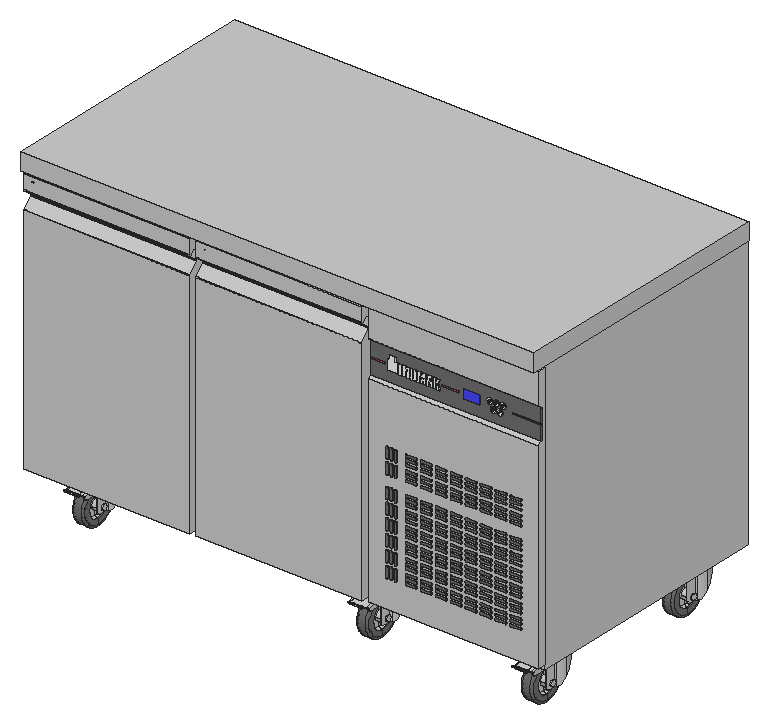
Revit family "QF_INOMAK_PNRP99_250528074223", category Specialty Equipment, Revit 2021 (continued)
Definition of nested family "QF_INOMAK_REF_COUNTERS_1345_2920"
  Definition of nested family "QF_INOMAK_CONRTOL-PANEL"
    Forms (mm)
      Extrusion 1, solid
        sketch origin (-2240, -700, 0) x (-1, 0, 0) y (0, 0, 1)
          loop
            arc (-1918.4, 210.855) -> (-1921.4, 207.855) -> (-1918.4, 204.855) r 3
            line (-1918.4, 204.855) -> (-1894.4, 204.855)
            arc (-1894.4, 204.855) -> (-1891.4, 207.855) -> (-1894.4, 210.855) r 3
            line (-1894.4, 210.855) -> (-1918.4, 210.855)
          loop
            arc (-2191.4, 199.855) -> (-2194.4, 196.855) -> (-2191.4, 193.855) r 3
            line (-2191.4, 193.855) -> (-2167.4, 193.855)
            arc (-2167.4, 193.855) -> (-2164.4, 196.855) -> (-2167.4, 199.855) r 3
            line (-2167.4, 199.855) -> (-2191.4, 199.855)
          loop
            arc (-2152.4, 199.855) -> (-2155.4, 196.855) -> (-2152.4, 193.855) r 3
            line (-2152.4, 193.855) -> (-2128.4, 193.855)
            arc (-2128.4, 193.855) -> (-2125.4, 196.855) -> (-2128.4, 199.855) r 3
            line (-2128.4, 199.855) -> (-2152.4, 199.855)
          loop
            arc (-2113.4, 199.855) -> (-2116.4, 196.855) -> (-2113.4, 193.855) r 3
            line (-2113.4, 193.855) -> (-2089.4, 193.855)
            arc (-2089.4, 193.855) -> (-2086.4, 196.855) -> (-2089.4, 199.855) r 3
            line (-2089.4, 199.855) -> (-2113.4, 199.855)
          loop
            arc (-2074.4, 199.855) -> (-2077.4, 196.855) -> (-2074.4, 193.855) r 3
            line (-2074.4, 193.855) -> (-2050.4, 193.855)
            arc (-2050.4, 193.855) -> (-2047.4, 196.855) -> (-2050.4, 199.855) r 3
            line (-2050.4, 199.855) -> (-2074.4, 199.855)
          loop
            arc (-2035.4, 199.855) -> (-2038.4, 196.855) -> (-2035.4, 193.855) r 3
            line (-2035.4, 193.855) -> (-2011.4, 193.855)
            arc (-2011.4, 193.855) -> (-2008.4, 196.855) -> (-2011.4, 199.855) r 3
            line (-2011.4, 199.855) -> (-2035.4, 199.855)
          loop
            arc (-1996.4, 199.855) -> (-1999.4, 196.855) -> (-1996.4, 193.855) r 3
            line (-1996.4, 193.855) -> (-1972.4, 193.855)
            arc (-1972.4, 193.855) -> (-1969.4, 196.855) -> (-1972.4, 199.855) r 3
            line (-1972.4, 199.855) -> (-1996.4, 199.855)
          loop
            arc (-1957.4, 199.855) -> (-1960.4, 196.855) -> (-1957.4, 193.855) r 3
            line (-1957.4, 193.855) -> (-1933.4, 193.855)
            arc (-1933.4, 193.855) -> (-1930.4, 196.855) -> (-1933.4, 199.855) r 3
            line (-1933.4, 199.855) -> (-1957.4, 199.855)
          loop
            arc (-1918.4, 199.855) -> (-1921.4, 196.855) -> (-1918.4, 193.855) r 3
            line (-1918.4, 193.855) -> (-1894.4, 193.855)
            arc (-1894.4, 193.855) -> (-1891.4, 196.855) -> (-1894.4, 199.855) r 3
            line (-1894.4, 199.855) -> (-1918.4, 199.855)
          loop
            arc (-2191.4, 184.855) -> (-2194.4, 181.855) -> (-2191.4, 178.855) r 3
            line (-2191.4, 178.855) -> (-2167.4, 178.855)
            arc (-2167.4, 178.855) -> (-2164.4, 181.855) -> (-2167.4, 184.855) r 3
            line (-2167.4, 184.855) -> (-2191.4, 184.855)
          loop
            arc (-2152.4, 184.855) -> (-2155.4, 181.855) -> (-2152.4, 178.855) r 3
            line (-2152.4, 178.855) -> (-2128.4, 178.855)
            arc (-2128.4, 178.855) -> (-2125.4, 181.855) -> (-2128.4, 184.855) r 3
            line (-2128.4, 184.855) -> (-2152.4, 184.855)
          loop
            arc (-2113.4, 184.855) -> (-2116.4, 181.855) -> (-2113.4, 178.855) r 3
            line (-2113.4, 178.855) -> (-2089.4, 178.855)
            arc (-2089.4, 178.855) -> (-2086.4, 181.855) -> (-2089.4, 184.855) r 3
            line (-2089.4, 184.855) -> (-2113.4, 184.855)
          loop
            arc (-2074.4, 184.855) -> (-2077.4, 181.855) -> (-2074.4, 178.855) r 3
            line (-2074.4, 178.855) -> (-2050.4, 178.855)
            arc (-2050.4, 178.855) -> (-2047.4, 181.855) -> (-2050.4, 184.855) r 3
            line (-2050.4, 184.855) -> (-2074.4, 184.855)
          loop
            arc (-2035.4, 184.855) -> (-2038.4, 181.855) -> (-2035.4, 178.855) r 3
            line (-2035.4, 178.855) -> (-2011.4, 178.855)
            arc (-2011.4, 178.855) -> (-2008.4, 181.855) -> (-2011.4, 184.855) r 3
            line (-2011.4, 184.855) -> (-2035.4, 184.855)
          loop
            arc (-1996.4, 184.855) -> (-1999.4, 181.855) -> (-1996.4, 178.855) r 3
            line (-1996.4, 178.855) -> (-1972.4, 178.855)
            arc (-1972.4, 178.855) -> (-1969.4, 181.855) -> (-1972.4, 184.855) r 3
            line (-1972.4, 184.855) -> (-1996.4, 184.855)
          loop
            arc (-1957.4, 184.855) -> (-1960.4, 181.855) -> (-1957.4, 178.855) r 3
            line (-1957.4, 178.855) -> (-1933.4, 178.855)
            arc (-1933.4, 178.855) -> (-1930.4, 181.855) -> (-1933.4, 184.855) r 3
            line (-1933.4, 184.855) -> (-1957.4, 184.855)
          loop
            arc (-1918.4, 184.855) -> (-1921.4, 181.855) -> (-1918.4, 178.855) r 3
            line (-1918.4, 178.855) -> (-1894.4, 178.855)
            arc (-1894.4, 178.855) -> (-1891.4, 181.855) -> (-1894.4, 184.855) r 3
            line (-1894.4, 184.855) -> (-1918.4, 184.855)
          loop
            arc (-2191.4, 173.855) -> (-2194.4, 170.855) -> (-2191.4, 167.855) r 3
            line (-2191.4, 167.855) -> (-2167.4, 167.855)
            arc (-2167.4, 167.855) -> (-2164.4, 170.855) -> (-2167.4, 173.855) r 3
            line (-2167.4, 173.855) -> (-2191.4, 173.855)
          loop
            arc (-2152.4, 173.855) -> (-2155.4, 170.855) -> (-2152.4, 167.855) r 3
            line (-2152.4, 167.855) -> (-2128.4, 167.855)
            arc (-2128.4, 167.855) -> (-2125.4, 170.855) -> (-2128.4, 173.855) r 3
            line (-2128.4, 173.855) -> (-2152.4, 173.855)
          loop
            arc (-2113.4, 173.855) -> (-2116.4, 170.855) -> (-2113.4, 167.855) r 3
            line (-2113.4, 167.855) -> (-2089.4, 167.855)
            arc (-2089.4, 167.855) -> (-2086.4, 170.855) -> (-2089.4, 173.855) r 3
            line (-2089.4, 173.855) -> (-2113.4, 173.855)
          loop
            arc (-2074.4, 173.855) -> (-2077.4, 170.855) -> (-2074.4, 167.855) r 3
            line (-2074.4, 167.855) -> (-2050.4, 167.855)
            arc (-2050.4, 167.855) -> (-2047.4, 170.855) -> (-2050.4, 173.855) r 3
            line (-2050.4, 173.855) -> (-2074.4, 173.855)
          loop
            arc (-2035.4, 173.855) -> (-2038.4, 170.855) -> (-2035.4, 167.855) r 3
            line (-2035.4, 167.855) -> (-2011.4, 167.855)
            arc (-2011.4, 167.855) -> (-2008.4, 170.855) -> (-2011.4, 173.855) r 3
            line (-2011.4, 173.855) -> (-2035.4, 173.855)
          loop
            arc (-1996.4, 173.855) -> (-1999.4, 170.855) -> (-1996.4, 167.855) r 3
            line (-1996.4, 167.855) -> (-1972.4, 167.855)
            arc (-1972.4, 167.855) -> (-1969.4, 170.855) -> (-1972.4, 173.855) r 3
            line (-1972.4, 173.855) -> (-1996.4, 173.855)
          loop
            arc (-1957.4, 173.855) -> (-1960.4, 170.855) -> (-1957.4, 167.855) r 3
            line (-1957.4, 167.855) -> (-1933.4, 167.855)
            arc (-1933.4, 167.855) -> (-1930.4, 170.855) -> (-1933.4, 173.855) r 3
            line (-1933.4, 173.855) -> (-1957.4, 173.855)
          loop
            arc (-1918.4, 173.855) -> (-1921.4, 170.855) -> (-1918.4, 167.855) r 3
            line (-1918.4, 167.855) -> (-1894.4, 167.855)
            arc (-1894.4, 167.855) -> (-1891.4, 170.855) -> (-1894.4, 173.855) r 3
            line (-1894.4, 173.855) -> (-1918.4, 173.855)
          loop
            arc (-2191.4, 162.855) -> (-2194.4, 159.855) -> (-2191.4, 156.855) r 3
            line (-2191.4, 156.855) -> (-2167.4, 156.855)
            arc (-2167.4, 156.855) -> (-2164.4, 159.855) -> (-2167.4, 162.855) r 3
            line (-2167.4, 162.855) -> (-2191.4, 162.855)
          loop
            arc (-2152.4, 162.855) -> (-2155.4, 159.855) -> (-2152.4, 156.855) r 3
            line (-2152.4, 156.855) -> (-2128.4, 156.855)
            arc (-2128.4, 156.855) -> (-2125.4, 159.855) -> (-2128.4, 162.855) r 3
            line (-2128.4, 162.855) -> (-2152.4, 162.855)
          loop
            arc (-2113.4, 162.855) -> (-2116.4, 159.855) -> (-2113.4, 156.855) r 3
            line (-2113.4, 156.855) -> (-2089.4, 156.855)
            arc (-2089.4, 156.855) -> (-2086.4, 159.855) -> (-2089.4, 162.855) r 3
            line (-2089.4, 162.855) -> (-2113.4, 162.855)
          loop
            arc (-2074.4, 162.855) -> (-2077.4, 159.855) -> (-2074.4, 156.855) r 3
            line (-2074.4, 156.855) -> (-2050.4, 156.855)
            arc (-2050.4, 156.855) -> (-2047.4, 159.855) -> (-2050.4, 162.855) r 3
            line (-2050.4, 162.855) -> (-2074.4, 162.855)
          loop
            arc (-2035.4, 162.855) -> (-2038.4, 159.855) -> (-2035.4, 156.855) r 3
            line (-2035.4, 156.855) -> (-2011.4, 156.855)
            arc (-2011.4, 156.855) -> (-2008.4, 159.855) -> (-2011.4, 162.855) r 3
            line (-2011.4, 162.855) -> (-2035.4, 162.855)
          loop
            arc (-1996.4, 162.855) -> (-1999.4, 159.855) -> (-1996.4, 156.855) r 3
            line (-1996.4, 156.855) -> (-1972.4, 156.855)
            arc (-1972.4, 156.855) -> (-1969.4, 159.855) -> (-1972.4, 162.855) r 3
            line (-1972.4, 162.855) -> (-1996.4, 162.855)
          loop
            arc (-1957.4, 162.855) -> (-1960.4, 159.855) -> (-1957.4, 156.855) r 3
            line (-1957.4, 156.855) -> (-1933.4, 156.855)
            arc (-1933.4, 156.855) -> (-1930.4, 159.855) -> (-1933.4, 162.855) r 3
            line (-1933.4, 162.855) -> (-1957.4, 162.855)
          loop
            arc (-1918.4, 162.855) -> (-1921.4, 159.855) -> (-1918.4, 156.855) r 3
            line (-1918.4, 156.855) -> (-1894.4, 156.855)
            arc (-1894.4, 156.855) -> (-1891.4, 159.855) -> (-1894.4, 162.855) r 3
            line (-1894.4, 162.855) -> (-1918.4, 162.855)
          loop
            arc (-2191.4, 147.855) -> (-2194.4, 144.855) -> (-2191.4, 141.855) r 3
            line (-2191.4, 141.855) -> (-2167.4, 141.855)
            arc (-2167.4, 141.855) -> (-2164.4, 144.855) -> (-2167.4, 147.855) r 3
            line (-2167.4, 147.855) -> (-2191.4, 147.855)
          loop
            arc (-2152.4, 147.855) -> (-2155.4, 144.855) -> (-2152.4, 141.855) r 3
            line (-2152.4, 141.855) -> (-2128.4, 141.855)
            arc (-2128.4, 141.855) -> (-2125.4, 144.855) -> (-2128.4, 147.855) r 3
            line (-2128.4, 147.855) -> (-2152.4, 147.855)
          loop
            arc (-2113.4, 147.855) -> (-2116.4, 144.855) -> (-2113.4, 141.855) r 3
            line (-2113.4, 141.855) -> (-2089.4, 141.855)
            arc (-2089.4, 141.855) -> (-2086.4, 144.855) -> (-2089.4, 147.855) r 3
            line (-2089.4, 147.855) -> (-2113.4, 147.855)
          loop
            arc (-2074.4, 147.855) -> (-2077.4, 144.855) -> (-2074.4, 141.855) r 3
            line (-2074.4, 141.855) -> (-2050.4, 141.855)
            arc (-2050.4, 141.855) -> (-2047.4, 144.855) -> (-2050.4, 147.855) r 3
            line (-2050.4, 147.855) -> (-2074.4, 147.855)
          loop
            arc (-2035.4, 147.855) -> (-2038.4, 144.855) -> (-2035.4, 141.855) r 3
            line (-2035.4, 141.855) -> (-2011.4, 141.855)
            arc (-2011.4, 141.855) -> (-2008.4, 144.855) -> (-2011.4, 147.855) r 3
            line (-2011.4, 147.855) -> (-2035.4, 147.855)
          loop
            arc (-1996.4, 147.855) -> (-1999.4, 144.855) -> (-1996.4, 141.855) r 3
            line (-1996.4, 141.855) -> (-1972.4, 141.855)
            arc (-1972.4, 141.855) -> (-1969.4, 144.855) -> (-1972.4, 147.855) r 3
            line (-1972.4, 147.855) -> (-1996.4, 147.855)
          loop
            arc (-1957.4, 147.855) -> (-1960.4, 144.855) -> (-1957.4, 141.855) r 3
            line (-1957.4, 141.855) -> (-1933.4, 141.855)
            arc (-1933.4, 141.855) -> (-1930.4, 144.855) -> (-1933.4, 147.855) r 3
            line (-1933.4, 147.855) -> (-1957.4, 147.855)
          loop
            arc (-1918.4, 147.855) -> (-1921.4, 144.855) -> (-1918.4, 141.855) r 3
            line (-1918.4, 141.855) -> (-1894.4, 141.855)
            arc (-1894.4, 141.855) -> (-1891.4, 144.855) -> (-1894.4, 147.855) r 3
            line (-1894.4, 147.855) -> (-1918.4, 147.855)
          loop
            arc (-2191.4, 136.855) -> (-2194.4, 133.855) -> (-2191.4, 130.855) r 3
            line (-2191.4, 130.855) -> (-2167.4, 130.855)
            arc (-2167.4, 130.855) -> (-2164.4, 133.855) -> (-2167.4, 136.855) r 3
            line (-2167.4, 136.855) -> (-2191.4, 136.855)
          loop
            arc (-2152.4, 136.855) -> (-2155.4, 133.855) -> (-2152.4, 130.855) r 3
            line (-2152.4, 130.855) -> (-2128.4, 130.855)
            arc (-2128.4, 130.855) -> (-2125.4, 133.855) -> (-2128.4, 136.855) r 3
            line (-2128.4, 136.855) -> (-2152.4, 136.855)
          loop
            arc (-2113.4, 136.855) -> (-2116.4, 133.855) -> (-2113.4, 130.855) r 3
            line (-2113.4, 130.855) -> (-2089.4, 130.855)
            arc (-2089.4, 130.855) -> (-2086.4, 133.855) -> (-2089.4, 136.855) r 3
            line (-2089.4, 136.855) -> (-2113.4, 136.855)
          loop
            arc (-2074.4, 136.855) -> (-2077.4, 133.855) -> (-2074.4, 130.855) r 3
            line (-2074.4, 130.855) -> (-2050.4, 130.855)
            arc (-2050.4, 130.855) -> (-2047.4, 133.855) -> (-2050.4, 136.855) r 3
            line (-2050.4, 136.855) -> (-2074.4, 136.855)
          loop
            arc (-2035.4, 136.855) -> (-2038.4, 133.855) -> (-2035.4, 130.855) r 3
            line (-2035.4, 130.855) -> (-2011.4, 130.855)
            arc (-2011.4, 130.855) -> (-2008.4, 133.855) -> (-2011.4, 136.855) r 3
            line (-2011.4, 136.855) -> (-2035.4, 136.855)
          loop
            arc (-1996.4, 136.855) -> (-1999.4, 133.855) -> (-1996.4, 130.855) r 3
            line (-1996.4, 130.855) -> (-1972.4, 130.855)
            arc (-1972.4, 130.855) -> (-1969.4, 133.855) -> (-1972.4, 136.855) r 3
            line (-1972.4, 136.855) -> (-1996.4, 136.855)
          loop
            arc (-1957.4, 136.855) -> (-1960.4, 133.855) -> (-1957.4, 130.855) r 3
            line (-1957.4, 130.855) -> (-1933.4, 130.855)
            arc (-1933.4, 130.855) -> (-1930.4, 133.855) -> (-1933.4, 136.855) r 3
            line (-1933.4, 136.855) -> (-1957.4, 136.855)
          loop
            arc (-1918.4, 136.855) -> (-1921.4, 133.855) -> (-1918.4, 130.855) r 3
            line (-1918.4, 130.855) -> (-1894.4, 130.855)
            arc (-1894.4, 130.855) -> (-1891.4, 133.855) -> (-1894.4, 136.855) r 3
            line (-1894.4, 136.855) -> (-1918.4, 136.855)
          loop
            arc (-2191.4, 125.855) -> (-2194.4, 122.855) -> (-2191.4, 119.855) r 3
            line (-2191.4, 119.855) -> (-2167.4, 119.855)
            arc (-2167.4, 119.855) -> (-2164.4, 122.855) -> (-2167.4, 125.855) r 3
            line (-2167.4, 125.855) -> (-2191.4, 125.855)
          loop
            arc (-2152.4, 125.855) -> (-2155.4, 122.855) -> (-2152.4, 119.855) r 3
            line (-2152.4, 119.855) -> (-2128.4, 119.855)
            arc (-2128.4, 119.855) -> (-2125.4, 122.855) -> (-2128.4, 125.855) r 3
            line (-2128.4, 125.855) -> (-2152.4, 125.855)
          loop
            arc (-2113.4, 125.855) -> (-2116.4, 122.855) -> (-2113.4, 119.855) r 3
            line (-2113.4, 119.855) -> (-2089.4, 119.855)
            arc (-2089.4, 119.855) -> (-2086.4, 122.855) -> (-2089.4, 125.855) r 3
            line (-2089.4, 125.855) -> (-2113.4, 125.855)
          loop
            arc (-2074.4, 125.855) -> (-2077.4, 122.855) -> (-2074.4, 119.855) r 3
            line (-2074.4, 119.855) -> (-2050.4, 119.855)
            arc (-2050.4, 119.855) -> (-2047.4, 122.855) -> (-2050.4, 125.855) r 3
            line (-2050.4, 125.855) -> (-2074.4, 125.855)
          loop
            arc (-2035.4, 125.855) -> (-2038.4, 122.855) -> (-2035.4, 119.855) r 3
            line (-2035.4, 119.855) -> (-2011.4, 119.855)
            arc (-2011.4, 119.855) -> (-2008.4, 122.855) -> (-2011.4, 125.855) r 3
            line (-2011.4, 125.855) -> (-2035.4, 125.855)
          loop
            arc (-1996.4, 125.855) -> (-1999.4, 122.855) -> (-1996.4, 119.855) r 3
            line (-1996.4, 119.855) -> (-1972.4, 119.855)
            arc (-1972.4, 119.855) -> (-1969.4, 122.855) -> (-1972.4, 125.855) r 3
            line (-1972.4, 125.855) -> (-1996.4, 125.855)
          loop
            arc (-1957.4, 125.855) -> (-1960.4, 122.855) -> (-1957.4, 119.855) r 3
            line (-1957.4, 119.855) -> (-1933.4, 119.855)
            arc (-1933.4, 119.855) -> (-1930.4, 122.855) -> (-1933.4, 125.855) r 3
            line (-1933.4, 125.855) -> (-1957.4, 125.855)
          loop
            arc (-1918.4, 125.855) -> (-1921.4, 122.855) -> (-1918.4, 119.855) r 3
            line (-1918.4, 119.855) -> (-1894.4, 119.855)
            arc (-1894.4, 119.855) -> (-1891.4, 122.855) -> (-1894.4, 125.855) r 3
            line (-1894.4, 125.855) -> (-1918.4, 125.855)
          loop
            arc (-2191.4, 110.855) -> (-2194.4, 107.855) -> (-2191.4, 104.855) r 3
            line (-2191.4, 104.855) -> (-2167.4, 104.855)
            arc (-2167.4, 104.855) -> (-2164.4, 107.855) -> (-2167.4, 110.855) r 3
            line (-2167.4, 110.855) -> (-2191.4, 110.855)
          loop
            arc (-2152.4, 110.855) -> (-2155.4, 107.855) -> (-2152.4, 104.855) r 3
            line (-2152.4, 104.855) -> (-2128.4, 104.855)
            arc (-2128.4, 104.855) -> (-2125.4, 107.855) -> (-2128.4, 110.855) r 3
            line (-2128.4, 110.855) -> (-2152.4, 110.855)
          loop
            arc (-2113.4, 110.855) -> (-2116.4, 107.855) -> (-2113.4, 104.855) r 3
            line (-2113.4, 104.855) -> (-2089.4, 104.855)
            arc (-2089.4, 104.855) -> (-2086.4, 107.855) -> (-2089.4, 110.855) r 3
            line (-2089.4, 110.855) -> (-2113.4, 110.855)
          loop
            arc (-2074.4, 110.855) -> (-2077.4, 107.855) -> (-2074.4, 104.855) r 3
            line (-2074.4, 104.855) -> (-2050.4, 104.855)
            arc (-2050.4, 104.855) -> (-2047.4, 107.855) -> (-2050.4, 110.855) r 3
            line (-2050.4, 110.855) -> (-2074.4, 110.855)
          loop
            arc (-2035.4, 110.855) -> (-2038.4, 107.855) -> (-2035.4, 104.855) r 3
            line (-2035.4, 104.855) -> (-2011.4, 104.855)
            arc (-2011.4, 104.855) -> (-2008.4, 107.855) -> (-2011.4, 110.855) r 3
            line (-2011.4, 110.855) -> (-2035.4, 110.855)
          loop
            arc (-1996.4, 110.855) -> (-1999.4, 107.855) -> (-1996.4, 104.855) r 3
            line (-1996.4, 104.855) -> (-1972.4, 104.855)
            arc (-1972.4, 104.855) -> (-1969.4, 107.855) -> (-1972.4, 110.855) r 3
            line (-1972.4, 110.855) -> (-1996.4, 110.855)
          loop
            arc (-1957.4, 110.855) -> (-1960.4, 107.855) -> (-1957.4, 104.855) r 3
            line (-1957.4, 104.855) -> (-1933.4, 104.855)
            arc (-1933.4, 104.855) -> (-1930.4, 107.855) -> (-1933.4, 110.855) r 3
            line (-1933.4, 110.855) -> (-1957.4, 110.855)
          loop
            arc (-1918.4, 110.855) -> (-1921.4, 107.855) -> (-1918.4, 104.855) r 3
            line (-1918.4, 104.855) -> (-1894.4, 104.855)
            arc (-1894.4, 104.855) -> (-1891.4, 107.855) -> (-1894.4, 110.855) r 3
            line (-1894.4, 110.855) -> (-1918.4, 110.855)
          loop
            arc (-2191.4, 99.855) -> (-2194.4, 96.855) -> (-2191.4, 93.855) r 3
            line (-2191.4, 93.855) -> (-2167.4, 93.855)
            arc (-2167.4, 93.855) -> (-2164.4, 96.855) -> (-2167.4, 99.855) r 3
            line (-2167.4, 99.855) -> (-2191.4, 99.855)
          loop
            arc (-2152.4, 99.855) -> (-2155.4, 96.855) -> (-2152.4, 93.855) r 3
            line (-2152.4, 93.855) -> (-2128.4, 93.855)
            arc (-2128.4, 93.855) -> (-2125.4, 96.855) -> (-2128.4, 99.855) r 3
            line (-2128.4, 99.855) -> (-2152.4, 99.855)
          loop
            arc (-2113.4, 99.855) -> (-2116.4, 96.855) -> (-2113.4, 93.855) r 3
            line (-2113.4, 93.855) -> (-2089.4, 93.855)
            arc (-2089.4, 93.855) -> (-2086.4, 96.855) -> (-2089.4, 99.855) r 3
            line (-2089.4, 99.855) -> (-2113.4, 99.855)
          loop
            arc (-2074.4, 99.855) -> (-2077.4, 96.855) -> (-2074.4, 93.855) r 3
            line (-2074.4, 93.855) -> (-2050.4, 93.855)
            arc (-2050.4, 93.855) -> (-2047.4, 96.855) -> (-2050.4, 99.855) r 3
            line (-2050.4, 99.855) -> (-2074.4, 99.855)
          loop
            arc (-2035.4, 99.855) -> (-2038.4, 96.855) -> (-2035.4, 93.855) r 3
            line (-2035.4, 93.855) -> (-2011.4, 93.855)
            arc (-2011.4, 93.855) -> (-2008.4, 96.855) -> (-2011.4, 99.855) r 3
            line (-2011.4, 99.855) -> (-2035.4, 99.855)
          loop
            arc (-1996.4, 99.855) -> (-1999.4, 96.855) -> (-1996.4, 93.855) r 3
            line (-1996.4, 93.855) -> (-1972.4, 93.855)
            arc (-1972.4, 93.855) -> (-1969.4, 96.855) -> (-1972.4, 99.855) r 3
            line (-1972.4, 99.855) -> (-1996.4, 99.855)
          loop
            arc (-1957.4, 99.855) -> (-1960.4, 96.855) -> (-1957.4, 93.855) r 3
            line (-1957.4, 93.855) -> (-1933.4, 93.855)
            arc (-1933.4, 93.855) -> (-1930.4, 96.855) -> (-1933.4, 99.855) r 3
            line (-1933.4, 99.855) -> (-1957.4, 99.855)
          loop
            arc (-1918.4, 99.855) -> (-1921.4, 96.855) -> (-1918.4, 93.855) r 3
            line (-1918.4, 93.855) -> (-1894.4, 93.855)
            arc (-1894.4, 93.855) -> (-1891.4, 96.855) -> (-1894.4, 99.855) r 3
            line (-1894.4, 99.855) -> (-1918.4, 99.855)
          loop
            arc (-2191.4, 88.855) -> (-2194.4, 85.855) -> (-2191.4, 82.855) r 3
            line (-2191.4, 82.855) -> (-2167.4, 82.855)
            arc (-2167.4, 82.855) -> (-2164.4, 85.855) -> (-2167.4, 88.855) r 3
            line (-2167.4, 88.855) -> (-2191.4, 88.855)
          loop
            arc (-2152.4, 88.855) -> (-2155.4, 85.855) -> (-2152.4, 82.855) r 3
            line (-2152.4, 82.855) -> (-2128.4, 82.855)
            arc (-2128.4, 82.855) -> (-2125.4, 85.855) -> (-2128.4, 88.855) r 3
            line (-2128.4, 88.855) -> (-2152.4, 88.855)
          loop
            arc (-2113.4, 88.855) -> (-2116.4, 85.855) -> (-2113.4, 82.855) r 3
            line (-2113.4, 82.855) -> (-2089.4, 82.855)
            arc (-2089.4, 82.855) -> (-2086.4, 85.855) -> (-2089.4, 88.855) r 3
            line (-2089.4, 88.855) -> (-2113.4, 88.855)
          loop
            arc (-2074.4, 88.855) -> (-2077.4, 85.855) -> (-2074.4, 82.855) r 3
            line (-2074.4, 82.855) -> (-2050.4, 82.855)
            arc (-2050.4, 82.855) -> (-2047.4, 85.855) -> (-2050.4, 88.855) r 3
            line (-2050.4, 88.855) -> (-2074.4, 88.855)
          loop
            arc (-2035.4, 88.855) -> (-2038.4, 85.855) -> (-2035.4, 82.855) r 3
            line (-2035.4, 82.855) -> (-2011.4, 82.855)
            arc (-2011.4, 82.855) -> (-2008.4, 85.855) -> (-2011.4, 88.855) r 3
            line (-2011.4, 88.855) -> (-2035.4, 88.855)
          loop
            arc (-1996.4, 88.855) -> (-1999.4, 85.855) -> (-1996.4, 82.855) r 3
            line (-1996.4, 82.855) -> (-1972.4, 82.855)
            arc (-1972.4, 82.855) -> (-1969.4, 85.855) -> (-1972.4, 88.855) r 3
            line (-1972.4, 88.855) -> (-1996.4, 88.855)
          loop
            arc (-1957.4, 88.855) -> (-1960.4, 85.855) -> (-1957.4, 82.855) r 3
            line (-1957.4, 82.855) -> (-1933.4, 82.855)
            arc (-1933.4, 82.855) -> (-1930.4, 85.855) -> (-1933.4, 88.855) r 3
            line (-1933.4, 88.855) -> (-1957.4, 88.855)
          loop
            arc (-1918.4, 88.855) -> (-1921.4, 85.855) -> (-1918.4, 82.855) r 3
            line (-1918.4, 82.855) -> (-1894.4, 82.855)
            arc (-1894.4, 82.855) -> (-1891.4, 85.855) -> (-1894.4, 88.855) r 3
            line (-1894.4, 88.855) -> (-1918.4, 88.855)
          loop
            arc (-1840.4, 387.855) -> (-1843.4, 390.855) -> (-1846.4, 387.855) r 3
            line (-1846.4, 387.855) -> (-1846.4, 363.855)
            arc (-1846.4, 363.855) -> (-1843.4, 360.855) -> (-1840.4, 363.855) r 3
            line (-1840.4, 363.855) -> (-1840.4, 387.855)
          loop
            arc (-1851.4, 387.855) -> (-1854.4, 390.855) -> (-1857.4, 387.855) r 3
            line (-1857.4, 387.855) -> (-1857.4, 363.855)
            arc (-1857.4, 363.855) -> (-1854.4, 360.855) -> (-1851.4, 363.855) r 3
            line (-1851.4, 363.855) -> (-1851.4, 387.855)
          loop
            arc (-1862.4, 387.855) -> (-1865.4, 390.855) -> (-1868.4, 387.855) r 3
            line (-1868.4, 387.855) -> (-1868.4, 363.855)
            arc (-1868.4, 363.855) -> (-1865.4, 360.855) -> (-1862.4, 363.855) r 3
            line (-1862.4, 363.855) -> (-1862.4, 387.855)
          loop
            arc (-1840.4, 350.855) -> (-1843.4, 353.855) -> (-1846.4, 350.855) r 3
            line (-1846.4, 350.855) -> (-1846.4, 326.855)
            arc (-1846.4, 326.855) -> (-1843.4, 323.855) -> (-1840.4, 326.855) r 3
            line (-1840.4, 326.855) -> (-1840.4, 350.855)
          loop
            arc (-1851.4, 350.855) -> (-1854.4, 353.855) -> (-1857.4, 350.855) r 3
            line (-1857.4, 350.855) -> (-1857.4, 326.855)
            arc (-1857.4, 326.855) -> (-1854.4, 323.855) -> (-1851.4, 326.855) r 3
            line (-1851.4, 326.855) -> (-1851.4, 350.855)
          loop
            arc (-1862.4, 350.855) -> (-1865.4, 353.855) -> (-1868.4, 350.855) r 3
            line (-1868.4, 350.855) -> (-1868.4, 326.855)
            arc (-1868.4, 326.855) -> (-1865.4, 323.855) -> (-1862.4, 326.855) r 3
            line (-1862.4, 326.855) -> (-1862.4, 350.855)
          loop
            arc (-1840.4, 293.855) -> (-1843.4, 296.855) -> (-1846.4, 293.855) r 3
            line (-1846.4, 293.855) -> (-1846.4, 269.855)
            arc (-1846.4, 269.855) -> (-1843.4, 266.855) -> (-1840.4, 269.855) r 3
            line (-1840.4, 269.855) -> (-1840.4, 293.855)
          loop
            arc (-1851.4, 293.855) -> (-1854.4, 296.855) -> (-1857.4, 293.855) r 3
            line (-1857.4, 293.855) -> (-1857.4, 269.855)
            arc (-1857.4, 269.855) -> (-1854.4, 266.855) -> (-1851.4, 269.855) r 3
            line (-1851.4, 269.855) -> (-1851.4, 293.855)
          loop
            arc (-1862.4, 293.855) -> (-1865.4, 296.855) -> (-1868.4, 293.855) r 3
            line (-1868.4, 293.855) -> (-1868.4, 269.855)
            arc (-1868.4, 269.855) -> (-1865.4, 266.855) -> (-1862.4, 269.855) r 3
            line (-1862.4, 269.855) -> (-1862.4, 293.855)
          loop
            arc (-1840.4, 256.855) -> (-1843.4, 259.855) -> (-1846.4, 256.855) r 3
            line (-1846.4, 256.855) -> (-1846.4, 232.855)
            arc (-1846.4, 232.855) -> (-1843.4, 229.855) -> (-1840.4, 232.855) r 3
            line (-1840.4, 232.855) -> (-1840.4, 256.855)
          loop
            arc (-1851.4, 256.855) -> (-1854.4, 259.855) -> (-1857.4, 256.855) r 3
            line (-1857.4, 256.855) -> (-1857.4, 232.855)
            arc (-1857.4, 232.855) -> (-1854.4, 229.855) -> (-1851.4, 232.855) r 3
            line (-1851.4, 232.855) -> (-1851.4, 256.855)
          loop
            arc (-1862.4, 256.855) -> (-1865.4, 259.855) -> (-1868.4, 256.855) r 3
            line (-1868.4, 256.855) -> (-1868.4, 232.855)
            arc (-1868.4, 232.855) -> (-1865.4, 229.855) -> (-1862.4, 232.855) r 3
            line (-1862.4, 232.855) -> (-1862.4, 256.855)
          loop
            arc (-1840.4, 219.855) -> (-1843.4, 222.855) -> (-1846.4, 219.855) r 3
            line (-1846.4, 219.855) -> (-1846.4, 195.855)
            arc (-1846.4, 195.855) -> (-1843.4, 192.855) -> (-1840.4, 195.855) r 3
            line (-1840.4, 195.855) -> (-1840.4, 219.855)
          loop
            arc (-1851.4, 219.855) -> (-1854.4, 222.855) -> (-1857.4, 219.855) r 3
            line (-1857.4, 219.855) -> (-1857.4, 195.855)
            arc (-1857.4, 195.855) -> (-1854.4, 192.855) -> (-1851.4, 195.855) r 3
            line (-1851.4, 195.855) -> (-1851.4, 219.855)
          loop
            arc (-1862.4, 219.855) -> (-1865.4, 222.855) -> (-1868.4, 219.855) r 3
            line (-1868.4, 219.855) -> (-1868.4, 195.855)
            arc (-1868.4, 195.855) -> (-1865.4, 192.855) -> (-1862.4, 195.855) r 3
            line (-1862.4, 195.855) -> (-1862.4, 219.855)
          loop
            arc (-1840.4, 182.855) -> (-1843.4, 185.855) -> (-1846.4, 182.855) r 3
            line (-1846.4, 182.855) -> (-1846.4, 158.855)
            arc (-1846.4, 158.855) -> (-1843.4, 155.855) -> (-1840.4, 158.855) r 3
            line (-1840.4, 158.855) -> (-1840.4, 182.855)
          loop
            arc (-1851.4, 182.855) -> (-1854.4, 185.855) -> (-1857.4, 182.855) r 3
            line (-1857.4, 182.855) -> (-1857.4, 158.855)
            arc (-1857.4, 158.855) -> (-1854.4, 155.855) -> (-1851.4, 158.855) r 3
            line (-1851.4, 158.855) -> (-1851.4, 182.855)
          loop
            arc (-1862.4, 182.855) -> (-1865.4, 185.855) -> (-1868.4, 182.855) r 3
            line (-1868.4, 182.855) -> (-1868.4, 158.855)
            arc (-1868.4, 158.855) -> (-1865.4, 155.855) -> (-1862.4, 158.855) r 3
            line (-1862.4, 158.855) -> (-1862.4, 182.855)
          loop
            arc (-1840.4, 145.855) -> (-1843.4, 148.855) -> (-1846.4, 145.855) r 3
            line (-1846.4, 145.855) -> (-1846.4, 121.855)
            arc (-1846.4, 121.855) -> (-1843.4, 118.855) -> (-1840.4, 121.855) r 3
            line (-1840.4, 121.855) -> (-1840.4, 145.855)
          loop
            arc (-1851.4, 145.855) -> (-1854.4, 148.855) -> (-1857.4, 145.855) r 3
            line (-1857.4, 145.855) -> (-1857.4, 121.855)
            arc (-1857.4, 121.855) -> (-1854.4, 118.855) -> (-1851.4, 121.855) r 3
            line (-1851.4, 121.855) -> (-1851.4, 145.855)
          loop
            arc (-1862.4, 145.855) -> (-1865.4, 148.855) -> (-1868.4, 145.855) r 3
            line (-1868.4, 145.855) -> (-1868.4, 121.855)
            arc (-1868.4, 121.855) -> (-1865.4, 118.855) -> (-1862.4, 121.855) r 3
            line (-1862.4, 121.855) -> (-1862.4, 145.855)
          loop
            arc (-1840.4, 108.855) -> (-1843.4, 111.855) -> (-1846.4, 108.855) r 3
            line (-1846.4, 108.855) -> (-1846.4, 84.855)
            arc (-1846.4, 84.855) -> (-1843.4, 81.855) -> (-1840.4, 84.855) r 3
            line (-1840.4, 84.855) -> (-1840.4, 108.855)
          loop
            arc (-1851.4, 108.855) -> (-1854.4, 111.855) -> (-1857.4, 108.855) r 3
            line (-1857.4, 108.855) -> (-1857.4, 84.855)
            arc (-1857.4, 84.855) -> (-1854.4, 81.855) -> (-1851.4, 84.855) r 3
            line (-1851.4, 84.855) -> (-1851.4, 108.855)
          loop
            arc (-1862.4, 108.855) -> (-1865.4, 111.855) -> (-1868.4, 108.855) r 3
            line (-1868.4, 108.855) -> (-1868.4, 84.855)
            arc (-1868.4, 84.855) -> (-1865.4, 81.855) -> (-1862.4, 84.855) r 3
            line (-1862.4, 84.855) -> (-1862.4, 108.855)
        from 16.5 to 19
    Dimensions and locks
      "Length": plane 3 "Left" to plane 4 "Right"
      "Depth": plane 5 "Front" to plane 1 "Back"
      "Front offset": plane 7 "Front offset" to plane 5 "Front"
      "Height": plane 6 "Top" to plane 2
      aligned and locked: level to plane 2
    Automatic sketch dimensions
      plane 4 "Right" to Extrusion 1 sketch curve = 48.6 mm  (x3)
      Extrusion 1 sketch curve to Extrusion 1 sketch curve = 0 mm  (x322)
      Extrusion 1 sketch curve to Extrusion 1 sketch curve = 24 mm  (x53)
      Extrusion 1 sketch curve to Extrusion 1 sketch curve = 15 mm  (x52)
      Extrusion 1 sketch curve to Extrusion 1 sketch curve = 26 mm  (x7)
      Extrusion 1 sketch curve to Extrusion 1 sketch curve = 3 mm  (x216)
      Extrusion 1 sketch curve to Extrusion 1 sketch curve = 5 mm  (x144)
      level to Extrusion 1 sketch curve = 82.855 mm  (x2)
      Extrusion 1 sketch curve to Extrusion 1 sketch curve = 2 mm
      Extrusion 1 sketch curve to Extrusion 1 sketch curve = 9 mm  (x48)
      Extrusion 1 sketch curve to Extrusion 1 sketch curve = 13 mm  (x9)
      Extrusion 1 sketch curve to Extrusion 1 sketch curve = 29 mm  (x6)
      Extrusion 1 sketch curve to Extrusion 1 sketch curve = 33 mm
Definition of nested family "QF_INOMAK_REF_COUNTERS_DOORS_DRAWERS_6956"
  Parameters (values of type "DR-LX-710")
    Weight [instance] = 0.00 kg
    Warranty Start Date [instance] = ""
    Warranty Duration [instance] = ""
    URL Cutsheet [instance] = ""
    URL = "www.inomak.com"
    Top inset [instance] = 10 mm
    Technical Documentation [instance] = ""
    Tag Number [instance] = ""
    Status [instance] = ""
    Specification by User [instance] = ""
    Specification by Manufacturer [instance] = ""
    Sound Level [instance] = ""
    Solid Fuel Type [instance] = ""
    Show Logo [instance] = yes
    Show Clearances [instance] = yes
    Service Life Duration [instance] = ""
    Serial Number [instance] = ""
    Seismic Rating [instance] = ""
    SMACNA No [instance] = ""
    Right panel thickness [instance] = 0 mm
    Revision Code [instance] = ""
    Revision [instance] = ""
    Rear inset [instance] = 0 mm
    Production Year [instance] = ""
    Point Load [instance] = 0
    Plinth height [instance] = 0 mm
    Other Equipment Approvals [instance] = ""
    NAFEM Spec ID Number [instance] = ""
    Model Warning [instance] = ""
    Model = "DR-LX-710"
    Masterspec [instance] = ""
    Manufacturer = "INOMAK"
    Length Actual [instance] = 435 mm
    Left panel thickness [instance] = 0 mm
    Item Number [instance] = ""
    Installed By [instance] = ""
    Installation Date [instance] = ""
    Identify Quantity as Lot [instance] = yes
    ID [instance] = ""
    Hygiene Approval [instance] = ""
    Height Actual [instance] = 710 mm
    Furnished By [instance] = ""
    Front inset [instance] = 10 mm
    Foodservice Equipment Identifier [instance] = yes
    Finish [instance] = none
    ETL Approved [instance] = yes
    Doors drawers type [instance] = 8
    Description = "LEFT HINGED DOOR"
    Depth Actual [instance] = 700 mm
    Default Elevation = 0 mm
    CSI MasterFormat [instance] = ""
    CE Approved [instance] = yes
    Bottom inset [instance] = 10 mm
    Barcode [instance] = ""
    Author [instance] = ""
    Asset Identifier [instance] = ""
    Assembly Code = "E1090320"
    Accessory [instance] = yes
  Types (9, lengths in mm): name | Model | Height Actual | Doors drawers type | Description
    DW-2-710 | "DW-2-710" | 710 | 4 | "2 X GN 1/2 DRAWERS"
    DR-LX-710 | "DR-LX-710" | 710 | 8 | "LEFT HINGED DOOR"
    DR-RX-710 | "DR-RX-710" | 710 | 9 | "RIGHT HINGED DOOR"
    DW-3-710 | "DW-3-710" | 710 | 6 | "3 X GN 1/3 DRAWERS"
    DW-B-710 | "DW-B-710" | 710 | 5 | "1 X GN 1/3 & 1 X GN 2/3 DRAWERS"
    DW-2-483 | "DW-2-483" | 483 | 4 | "2 X GN 1/3 DRAWERS"
    DR-LX-483 | "DR-LX-483" | 483 | 8 | "LEFT HINGED DOOR"
    DR-RX-483 | "DR-RX-483" | 483 | 9 | "RIGHT HINGED DOOR"
    DW-1-483 | "DW-1-483" | 483 | 10 | "1 X GN 2/3 DRAWER"
  Reference planes
    plane 1 "Front": y = 0
    plane 2: z = 0
    plane 3 "Left": x = 0
    plane 4 "Right": x = 435
    plane 5 "Back": y = 700
    plane 6 "Top": z = 710
    plane 7 "Bottom shelf": z = 0
    plane 8: z = 700
    plane 9: z = 10
    plane 10: x = 0
    plane 11: x = 435
    plane 12 "Center Top Bottom": z = 355
  Lines and regions (mm)
    reference lines
      curve 1: line (0, 0, 355) -> (0, 25, 355)
      curve 2: line (435, 0, 355) -> (435, 25, 355)
      curve 3: line (0, 700, 355) -> (435, 700, 355)
      curve 4: line (0, 0, 355) -> (435, 0, 355)
  Dimensions and locks
    "Length Actual": plane 3 "Left" to plane 4 "Right"
    "Depth Actual": plane 1 "Front" to plane 5 "Back"
    "Height Actual": plane 6 "Top" to plane 7 "Bottom shelf"
    "Plinth height": plane 7 "Bottom shelf" to plane 2
    "Top inset": plane 6 "Top" to plane 8
    "Bottom inset": plane 9 to plane 7 "Bottom shelf"
    "Left panel thickness": plane 3 "Left" to plane 10
    "Right panel thickness": plane 11 to plane 4 "Right"
    equal spacing: plane 6 "Top", plane 12 "Center Top Bottom", plane 7 "Bottom shelf"
    "Length Actual": curve 1 to plane 4 "Right"
    "Length Actual": plane 3 "Left" to curve 2
    "Depth Actual": plane 1 "Front" to curve 3
    "Depth Actual": plane 5 "Back" to curve 4
    aligned and locked: level to plane 2
    aligned and locked: plane 3 "Left" to nested 1
    aligned and locked: plane 3 "Left" to nested 2
    aligned and locked: plane 3 "Left" to nested 3
    aligned and locked: plane 3 "Left" to nested 4
    aligned and locked: plane 3 "Left" to nested 5
    aligned and locked: plane 3 "Left" to nested 6
    aligned and locked: plane 3 "Left" to nested 7
    aligned and locked: plane 3 "Left" to nested 8
    aligned and locked: plane 3 "Left" to nested 9
    aligned and locked: nested 4 to plane 1 "Front"
    aligned and locked: nested 6 to plane 1 "Front"
    aligned and locked: nested 8 to plane 1 "Front"
    aligned and locked: nested 5 to plane 1 "Front"
    aligned and locked: nested 3 to plane 1 "Front"
    aligned and locked: nested 7 to plane 1 "Front"
    aligned and locked: nested 2 to plane 1 "Front"
    aligned and locked: nested 1 to plane 1 "Front"
    aligned and locked: nested 9 to plane 1 "Front"
  Automatic sketch dimensions
    curve 3 to plane 4 "Right" = 0 mm
    curve 3 to plane 3 "Left" = 0 mm
    curve 2 to curve 2 = 25 mm
    curve 1 to curve 1 = 25 mm
  Nested families
    nested 1: "Right_Door" at (0, 700, 0), Depth Actual <- "Depth Actual", Height Actual <- "Height Actual", Length Actual <- "Length Actual", Front inset <- "Front inset", Rear inset <- "Rear inset", Left panel thickness <- "Left panel thickness", Right panel thickness <- "Right panel thickness", Doors drawers type <- "Doors drawers type", Plinth height <- "Plinth height", Top inset <- "Top inset", Bottom inset <- "Bottom inset", type "Right door"
      with Top inset 10 mm, Right panel thickness 0 mm, Right hand hinged door no, Rear inset 0 mm, Plinth height 0 mm, Length Actual 435 mm, Left panel thickness 0 mm, Height Actual 710 mm, Front inset 10 mm, Doors drawers type 8, Depth Actual 700 mm, Bottom inset 10 mm
    nested 2: "Left_Door" at (0, 700, 0), Depth Actual <- "Depth Actual", Height Actual <- "Height Actual", Length Actual <- "Length Actual", Front inset <- "Front inset", Rear inset <- "Rear inset", Left panel thickness <- "Left panel thickness", Right panel thickness <- "Right panel thickness", Doors drawers type <- "Doors drawers type", Plinth height <- "Plinth height", Top inset <- "Top inset", Bottom inset <- "Bottom inset", type "Left door"
      with Top inset 10 mm, Right panel thickness 0 mm, Rear inset 0 mm, Plinth height 0 mm, Length Actual 435 mm, Left panel thickness 0 mm, Left hand hinged door yes, Height Actual 710 mm, Front inset 10 mm, Doors drawers type 8, Depth Actual 700 mm, Bottom inset 10 mm
    nested 3: "3_Drawers_1-3" at (0, 700, 0), Depth Actual <- "Depth Actual", Height Actual <- "Height Actual", Length Actual <- "Length Actual", Front inset <- "Front inset", Rear inset <- "Rear inset", Left panel thickness <- "Left panel thickness", Right panel thickness <- "Right panel thickness", Doors drawers type <- "Doors drawers type", Plinth height <- "Plinth height", Top inset <- "Top inset", Bottom inset <- "Bottom inset", type "3 Drawers 1-3"
      with Top inset 10 mm, Right panel thickness 0 mm, Rear inset 0 mm, Plinth height 0 mm, Length Actual 435 mm, Left panel thickness 0 mm, Height Actual 710 mm, Front inset 10 mm, Doors drawers type 8, Depth Actual 700 mm, Bottom inset 10 mm, 3 Drawers no
    nested 4: "2_Drawers_1-2" at (0, 700, 0), Depth Actual <- "Depth Actual", Height Actual <- "Height Actual", Length Actual <- "Length Actual", Front inset <- "Front inset", Rear inset <- "Rear inset", Left panel thickness <- "Left panel thickness", Right panel thickness <- "Right panel thickness", Doors drawers type <- "Doors drawers type", Plinth height <- "Plinth height", Top inset <- "Top inset", Bottom inset <- "Bottom inset", type "2 Drawers 1-2"
      with Top inset 10 mm, Right panel thickness 0 mm, Rear inset 0 mm, Plinth height 0 mm, Length Actual 435 mm, Left panel thickness 0 mm, Height Actual 710 mm, Front inset 10 mm, Doors drawers type 8, Depth Actual 700 mm, Bottom inset 10 mm, 2 Drawers no
    nested 5: "2_Drawers_1-3_2-3" at (0, 700, 0), Depth Actual <- "Depth Actual", Height Actual <- "Height Actual", Length Actual <- "Length Actual", Front inset <- "Front inset", Rear inset <- "Rear inset", Left panel thickness <- "Left panel thickness", Right panel thickness <- "Right panel thickness", Doors drawers type <- "Doors drawers type", Plinth height <- "Plinth height", Top inset <- "Top inset", Bottom inset <- "Bottom inset", type "2 Drawers 1-3 and 2-3"
      with Top inset 10 mm, Right panel thickness 0 mm, Rear inset 0 mm, Plinth height 0 mm, Length Actual 435 mm, Left panel thickness 0 mm, Height Actual 710 mm, Front inset 10 mm, Doors drawers type 8, Depth Actual 700 mm, Bottom inset 10 mm, 2 Drawers 1-3 and 2-3 no
    nested 6: "Sliding_Doors" at (0, 700, 0), Depth Actual <- "Depth Actual", Height Actual <- "Height Actual", Length Actual <- "Length Actual", Front inset <- "Front inset", Rear inset <- "Rear inset", Left panel thickness <- "Left panel thickness", Right panel thickness <- "Right panel thickness", Doors drawers type <- "Doors drawers type", Plinth height <- "Plinth height", Top inset <- "Top inset", Bottom inset <- "Bottom inset", Finish <- "Finish", type "Sliding doors"
      with Top inset 10 mm, Sliding doors no, Right panel thickness 0 mm, Rear inset 0 mm, Plinth height 0 mm, Length Actual 435 mm, Left panel thickness 0 mm, Height Actual 710 mm, Front inset 10 mm, Finish none, Doors drawers type 8, Depth Actual 700 mm, Bottom inset 10 mm
    nested 7: "4_Drawers_1-4" at (0, 700, 0), Depth Actual <- "Depth Actual", Height Actual <- "Height Actual", Length Actual <- "Length Actual", Front inset <- "Front inset", Rear inset <- "Rear inset", Left panel thickness <- "Left panel thickness", Right panel thickness <- "Right panel thickness", Doors drawers type <- "Doors drawers type", Plinth height <- "Plinth height", Top inset <- "Top inset", Bottom inset <- "Bottom inset", Finish <- "Finish", type "4 Drawers 1-4"
      with Top inset 10 mm, Right panel thickness 0 mm, Rear inset 0 mm, Plinth height 0 mm, Length Actual 435 mm, Left panel thickness 0 mm, Height Actual 710 mm, Front inset 10 mm, Finish none, Doors drawers type 8, Depth Actual 700 mm, Bottom inset 10 mm, 4 Drawers no
    nested 8: "Hinged_Doors" at (0, 700, 0), Length Actual <- "Length Actual", Depth Actual <- "Depth Actual", Height Actual <- "Height Actual", Front inset <- "Front inset", Rear inset <- "Rear inset", Left panel thickness <- "Left panel thickness", Right panel thickness <- "Right panel thickness", Doors drawers type <- "Doors drawers type", Plinth height <- "Plinth height", Top inset <- "Top inset", Bottom inset <- "Bottom inset", Finish <- "Finish", type "Hinged doors"
      with Top inset 10 mm, Right panel thickness 0 mm, Rear inset 0 mm, Plinth height 0 mm, Length Actual 435 mm, Left panel thickness 0 mm, Hinged doors no, Height Actual 710 mm, Front inset 10 mm, Finish none, Doors drawers type 8, Depth Actual 700 mm, Bottom inset 10 mm
    nested 9: "Hopper" at (0, 700, 1.284), Length Actual <- "Length Actual", Depth Actual <- "Depth Actual", Height Actual <- "Height Actual", Front inset <- "Front inset", Rear inset <- "Rear inset", Left panel thickness <- "Left panel thickness", Right panel thickness <- "Right panel thickness", Doors drawers type <- "Doors drawers type", Plinth height <- "Plinth height", Top inset <- "Top inset", Bottom inset <- "Bottom inset", Finish <- "Finish", type "Hopper"
      with Top inset 10 mm, Right panel thickness 0 mm, Rear inset 0 mm, Plinth height 0 mm, Length Actual 435 mm, Left panel thickness 0 mm, Hopper no, Height Actual 710 mm, Front inset 10 mm, Finish none, Doors drawers type 8, Depth Actual 700 mm, Bottom inset 10 mm
  Definition of nested family "Left_Door"
    Parameters (values of type "Left door")
      URL = "www.specifiglobal.com"
      Top inset [instance] = 10 mm
      Right panel thickness [instance] = 0 mm
      Rear inset [instance] = 0 mm
      Plinth height [instance] = 150 mm
      Model = ""
      Manufacturer = "DEMO CONSULTANT"
      Length Actual [instance] = 700 mm
      Left panel thickness [instance] = 0 mm
      Left hand hinged door [instance] = Doors drawers type = 8  # yes
      Height Actual [instance] = 710 mm
      Front inset [instance] = 10 mm
      Finish = none
      Doors drawers type [instance] = 8
      Description = ""
      Depth Actual [instance] = 700 mm
      Default Elevation = 0 mm
      Bottom inset [instance] = 0 mm
      Assembly Code = "E1090320"
    Reference planes
      plane 1 "Back": y = 0
      plane 2: z = 0
      plane 3 "Left": x = 0
      plane 4 "Right": x = 700
      plane 5 "Front": y = -700
      plane 6 "Top": z = 860
      plane 7 "Front legs": y = -690
      plane 8 "Legs top": z = 150
      plane 9 "Backsplash thickness": y = 0
      plane 10 "Left panel": x = 0
      plane 11 "Right panel": x = 700
      plane 12: z = 850
      plane 13: z = 150
    Forms (mm)
      Extrusion 1, solid, material <- "Finish", visible <- "Left hand hinged door"
        sketch origin (0, 0, 0) x (0, -1, 0) y (0, 0, 1)
          loop
            line (690, 150) -> (690, 764.365)
            arc (690, 764.365) -> (689.866, 765.037) -> (689.485, 765.607) r 1.757
            line (689.485, 765.607) -> (666.663, 788.429)
            arc (666.663, 788.429) -> (665.976, 789.458) -> (665.734, 790.672) r 3.172
            line (665.734, 790.672) -> (665.734, 817.576)
            arc (665.734, 817.576) -> (666.433, 819.262) -> (668.119, 819.961) r 2.385
            line (668.119, 819.961) -> (680.029, 819.961) -> (686.544, 810.657)
            arc (686.544, 810.657) -> (688.671, 809.935) -> (690, 811.747) r 1.9
            line (690, 811.747) -> (690, 850) -> (648, 850) -> (648, 150) -> (690, 150)
        from 0 to -700
      Extrusion 2, solid, visible <- "Left hand hinged door", detail levels coarse
        sketch origin (0, -700, 150) x (-1, 0, 0) y (0, 1, 0)
          loop
            arc (-700, 10) -> (-495.871, -481.066) -> (0, -673.23) r 677.11
            line (0, -673.23) -> (0, 10) -> (-700, 10)
        from 0 to -700
    Lines and regions (mm)
      symbolic lines, visible <- "Left hand hinged door"
        curve 1: line (0, -700, 150) -> (0, -1373.247, 150)
        curve 2: arc (0, -1373.247, 150) -> (492.316, -1184.595, 150) -> (700, -700, 150) r 676.963
    Dimensions and locks
      "Length Actual": plane 3 "Left" to plane 4 "Right"
      "Depth Actual": plane 5 "Front" to plane 1 "Back"
      "Height Actual": plane 6 "Top" to plane 8 "Legs top"
      "Front inset": plane 7 "Front legs" to plane 5 "Front"
      "Plinth height": plane 8 "Legs top" to plane 2
      "Rear inset": plane 9 "Backsplash thickness" to plane 1 "Back"
      "Right panel thickness": plane 11 "Right panel" to plane 4 "Right"
      "Left panel thickness": plane 3 "Left" to plane 10 "Left panel"
      "Top inset": plane 6 "Top" to plane 12
      "Bottom inset": plane 13 to plane 8 "Legs top"
      aligned and locked: level to plane 2
      aligned and locked: Extrusion 1 to plane 11 "Right panel"
      aligned and locked: plane 10 "Left panel" to Extrusion 2 sketch curve
      aligned and locked: plane 11 "Right panel" to Extrusion 2 sketch curve
      aligned and locked: Extrusion 2 sketch curve to plane 10 "Left panel"
      aligned and locked: plane 7 "Front legs" to Extrusion 2 sketch curve
      aligned and locked: plane 7 "Front legs" to Extrusion 2
      aligned and locked: plane 10 "Left panel" to Extrusion 2
      aligned and locked: Extrusion 2 to plane 12
      aligned and locked: Extrusion 1 sketch curve to plane 13
      aligned and locked: Extrusion 1 sketch curve to plane 7 "Front legs"
      aligned and locked: Extrusion 1 sketch curve to plane 12
    Automatic sketch dimensions
      Extrusion 1 sketch curve to Extrusion 1 sketch curve = 1.556 mm
      Extrusion 1 sketch curve to Extrusion 1 sketch curve = 11.91 mm
      Extrusion 1 sketch curve to Extrusion 1 sketch curve = 2.243 mm
      Extrusion 1 sketch curve to Extrusion 1 sketch curve = 2.385 mm
      Extrusion 1 sketch curve to Extrusion 1 sketch curve = 20.119 mm
      Extrusion 1 sketch curve to Extrusion 1 sketch curve = 22.822 mm
      Extrusion 1 sketch curve to Extrusion 1 sketch curve = 19.985 mm
      Extrusion 1 sketch curve to Extrusion 1 sketch curve = 6.919 mm
      Extrusion 1 sketch curve to Extrusion 1 sketch curve = 30.039 mm
      plane 7 "Front legs" to Extrusion 1 sketch curve = 42 mm
      Extrusion 1 sketch curve to Extrusion 1 sketch curve = 0.929 mm
      Extrusion 1 sketch curve to Extrusion 1 sketch curve = 6.515 mm
      Extrusion 1 sketch curve to Extrusion 1 sketch curve = 1.242 mm
      Extrusion 1 sketch curve to Extrusion 1 sketch curve = 1.9 mm
      Extrusion 1 sketch curve to Extrusion 1 sketch curve = 0.515 mm
      plane 5 "Front" to Extrusion 2 sketch curve = 3.492 mm
      plane 3 "Left" to Extrusion 2 sketch curve = 22.921 mm
      curve 1 to plane 3 "Left" = 0 mm
      curve 2 to plane 4 "Right" = 0 mm
      curve 2 to plane 5 "Front" = 0 mm
      curve 1 to plane 5 "Front" = 0 mm
      plane 5 "Front" to curve 2 = 3.324 mm
      plane 3 "Left" to curve 2 = 23.045 mm
  Definition of nested family "Right_Door"
    Parameters (values of type "Right door")
      URL = "www.specifiglobal.com"
      Top inset [instance] = 4 mm
      Right panel thickness [instance] = 35 mm
      Right hand hinged door [instance] = Doors drawers type = 9  # yes
      Rear inset [instance] = 10 mm
      Plinth height [instance] = 150 mm
      Model = ""
      Manufacturer = "DEMO CONSULTANT"
      Length Actual [instance] = 1700 mm
      Left panel thickness [instance] = 35 mm
      Height Actual [instance] = 900 mm
      Front inset [instance] = 10 mm
      Finish = none
      Doors drawers type [instance] = 9
      Description = ""
      Depth Actual [instance] = 700 mm
      Default Elevation = 0 mm
      Bottom inset [instance] = 4 mm
      Assembly Code = "E1090320"
    Reference planes
      plane 1 "Back": y = 0
      plane 2: z = 0
      plane 3 "Left": x = 0
      plane 4 "Right": x = 1700
      plane 5 "Front": y = -700
      plane 6 "Top": z = 1050
      plane 7 "Front legs": y = -690
      plane 8 "Legs top": z = 150
      plane 9 "Backsplash thickness": y = -10
      plane 10 "Left panel": x = 35
      plane 11 "Right panel": x = 1665
      plane 12: z = 1046
      plane 13: z = 154
    Forms (mm)
      Extrusion 1, solid, material <- "Finish", visible <- "Right hand hinged door"
        sketch origin (35, 0, 0) x (0, -1, 0) y (0, 0, 1)
          loop
            line (690, 154) -> (690, 960.365)
            arc (690, 960.365) -> (689.866, 961.037) -> (689.485, 961.607) r 1.757
            line (689.485, 961.607) -> (666.663, 984.429)
            arc (666.663, 984.429) -> (665.976, 985.458) -> (665.734, 986.672) r 3.172
            line (665.734, 986.672) -> (665.734, 1013.576)
            arc (665.734, 1013.576) -> (666.433, 1015.262) -> (668.119, 1015.961) r 2.385
            line (668.119, 1015.961) -> (680.029, 1015.961) -> (686.544, 1006.657)
            arc (686.544, 1006.657) -> (688.671, 1005.935) -> (690, 1007.747) r 1.9
            line (690, 1007.747) -> (690, 1046) -> (648, 1046) -> (648, 154) -> (690, 154)
        from 0 to -1630
      Extrusion 2, solid, visible <- "Right hand hinged door", detail levels coarse
        sketch origin (0, -700, 154) x (-1, 0, 0) y (0, 1, 0)
          loop
            line (-1665, 10) -> (-1665, -1637.12)
            arc (-1665, -1637.12) -> (-517.894, -1142.214) -> (-35, 10) r 1670.236
            line (-35, 10) -> (-1665, 10)
        from 0 to -892
    Lines and regions (mm)
      symbolic lines, visible <- "Right hand hinged door"
        curve 1: line (1665, -2337.12, 150) -> (1665, -700, 150)
        curve 2: arc (1665, -2337.12, 150) -> (521.415, -1845.762, 150) -> (35.165, -699.995, 150) r 1670.236
    Dimensions and locks
      "Length Actual": plane 3 "Left" to plane 4 "Right"
      "Depth Actual": plane 5 "Front" to plane 1 "Back"
      "Height Actual": plane 6 "Top" to plane 8 "Legs top"
      "Front inset": plane 7 "Front legs" to plane 5 "Front"
      "Plinth height": plane 8 "Legs top" to plane 2
      "Rear inset": plane 9 "Backsplash thickness" to plane 1 "Back"
      "Right panel thickness": plane 11 "Right panel" to plane 4 "Right"
      "Left panel thickness": plane 3 "Left" to plane 10 "Left panel"
      "Top inset": plane 6 "Top" to plane 12
      "Bottom inset": plane 13 to plane 8 "Legs top"
      aligned and locked: level to plane 2
      aligned and locked: Extrusion 1 to plane 11 "Right panel"
      aligned and locked: plane 10 "Left panel" to Extrusion 2 sketch curve
      aligned and locked: plane 11 "Right panel" to Extrusion 2 sketch curve
      aligned and locked: plane 7 "Front legs" to Extrusion 2
      aligned and locked: plane 7 "Front legs" to Extrusion 2 sketch curve
      aligned and locked: Extrusion 2 sketch curve to plane 11 "Right panel"
      aligned and locked: curve 1 to Extrusion 2
      aligned and locked: plane 5 "Front" to curve 1
      aligned and locked: Extrusion 2 to plane 12
      aligned and locked: Extrusion 1 sketch curve to plane 12
      aligned and locked: Extrusion 1 sketch curve to plane 7 "Front legs"
      aligned and locked: Extrusion 1 sketch curve to plane 13
      aligned and locked: curve 2 to Extrusion 2
    Automatic sketch dimensions
      Extrusion 1 sketch curve to Extrusion 1 sketch curve = 1.556 mm
      Extrusion 1 sketch curve to Extrusion 1 sketch curve = 11.91 mm
      Extrusion 1 sketch curve to Extrusion 1 sketch curve = 2.243 mm
      Extrusion 1 sketch curve to Extrusion 1 sketch curve = 2.385 mm
      Extrusion 1 sketch curve to Extrusion 1 sketch curve = 20.119 mm
      Extrusion 1 sketch curve to Extrusion 1 sketch curve = 22.822 mm
      Extrusion 1 sketch curve to Extrusion 1 sketch curve = 19.985 mm
      Extrusion 1 sketch curve to Extrusion 1 sketch curve = 6.919 mm
      Extrusion 1 sketch curve to Extrusion 1 sketch curve = 30.039 mm
      plane 7 "Front legs" to Extrusion 1 sketch curve = 42 mm
      Extrusion 1 sketch curve to Extrusion 1 sketch curve = 0.929 mm
      Extrusion 1 sketch curve to Extrusion 1 sketch curve = 6.515 mm
      Extrusion 1 sketch curve to Extrusion 1 sketch curve = 1.242 mm
      Extrusion 1 sketch curve to Extrusion 1 sketch curve = 1.9 mm
      Extrusion 1 sketch curve to Extrusion 1 sketch curve = 0.515 mm
      Extrusion 2 sketch curve to plane 4 "Right" = 5.083 mm
      plane 7 "Front legs" to Extrusion 2 sketch curve = 22.635 mm
      plane 5 "Front" to curve 2 = 0.005 mm
  Definition of nested family "3_Drawers_1-3"
    Parameters (values of type "3 Drawers 1-3")
      URL = "www.specifiglobal.com"
      Top inset [instance] = 4 mm
      Right panel thickness [instance] = 35 mm
      Rear inset [instance] = 10 mm
      Plinth height [instance] = 150 mm
      Model = ""
      Manufacturer = "DEMO CONSULTANT"
      Length Actual [instance] = 1200 mm
      Left panel thickness [instance] = 35 mm
      Height Actual [instance] = 900 mm
      Front inset [instance] = 10 mm
      Finish = none
      Doors drawers type [instance] = 6
      Description = ""
      Depth Actual [instance] = 700 mm
      Default Elevation = 0 mm
      Bottom inset [instance] = 4 mm
      Assembly Code = "E1090320"
      3 Drawers [instance] = Doors drawers type = 6  # yes
    Reference planes
      plane 1 "Back": y = 0
      plane 2: z = 0
      plane 3 "Left": x = 0
      plane 4 "Right": x = 1200
      plane 5 "Front": y = -700
      plane 6 "Top": z = 1050
      plane 7 "Front legs": y = -690
      plane 8 "Legs top": z = 150
      plane 9 "Backsplash thickness": y = -10
      plane 10 "Left panel": x = 35
      plane 11 "Right panel": x = 1165
      plane 12: z = 749.333
      plane 13: z = 1046
      plane 14: z = 751.667
      plane 15: z = 747
      plane 16: z = 1048
      plane 17: z = 450.667
      plane 18: z = 453.333
      plane 19: z = 448
      plane 20: z = 154
      plane 21: z = 152
    Forms (mm)
      Extrusion 1, solid, material <- "Finish", visible <- "3 Drawers"
        sketch origin (35, 0, 0) x (0, -1, 0) y (0, 0, 1)
          loop
            line (690, 751.667) -> (690, 960.365)
            arc (690, 960.365) -> (689.866, 961.037) -> (689.485, 961.607) r 1.757
            line (689.485, 961.607) -> (666.663, 984.429)
            arc (666.663, 984.429) -> (665.976, 985.458) -> (665.734, 986.672) r 3.172
            line (665.734, 986.672) -> (665.734, 1013.576)
            arc (665.734, 1013.576) -> (666.433, 1015.262) -> (668.119, 1015.961) r 2.385
            line (668.119, 1015.961) -> (680.029, 1015.961) -> (686.544, 1006.657)
            arc (686.544, 1006.657) -> (688.671, 1005.935) -> (690, 1007.747) r 1.9
            line (690, 1007.747) -> (690, 1046) -> (648, 1046) -> (648, 751.667) -> (690, 751.667)
        from 0 to -1130
      Extrusion 2, solid, visible <- "3 Drawers", detail levels coarse
        sketch origin (0, -640.463, 751.667) x (0, 1, 0) y (-1, 0, 0)
          loop
            line (-49.537, -35) -> (-624.582, -35) -> (-624.582, -1165) -> (-49.537, -1165) -> (-49.537, -35)
        from 0 to 294.333
      Extrusion 3, solid, visible <- "3 Drawers", detail levels coarse
        sketch origin (0, -640.463, 453.333) x (0, 1, 0) y (-1, 0, 0)
          loop
            line (-49.537, -35) -> (-624.582, -35) -> (-624.582, -1165) -> (-49.537, -1165) -> (-49.537, -35)
        from 0 to 293.667
      Extrusion 4, solid, visible <- "3 Drawers", detail levels coarse
        sketch origin (0, -700, 154) x (-1, 0, 0) y (0, 1, 0)
          loop
            line (-35, 10) -> (-1165, 10) -> (-1165, -565.045) -> (-35, -565.045) -> (-35, 10)
        from 0 to -294
      Extrusion 5, solid, material <- "Finish", visible <- "3 Drawers"
        sketch origin (35, 0, -220.667) x (0, -1, 0) y (0, 0, 1)
          loop
            line (690, 674) -> (690, 882.031)
            arc (690, 882.031) -> (689.866, 882.704) -> (689.485, 883.274) r 1.757
            line (689.485, 883.274) -> (666.663, 906.096)
            arc (666.663, 906.096) -> (665.976, 907.125) -> (665.734, 908.339) r 3.172
            line (665.734, 908.339) -> (665.734, 935.243)
            arc (665.734, 935.243) -> (666.433, 936.929) -> (668.119, 937.628) r 2.385
            line (668.119, 937.628) -> (680.029, 937.628) -> (686.544, 928.324)
            arc (686.544, 928.324) -> (688.671, 927.602) -> (690, 929.414) r 1.9
            line (690, 929.414) -> (690, 967.667) -> (648, 967.667) -> (648, 674) -> (690, 674)
        from 0 to -1130
      Extrusion 6, solid, material <- "Finish", visible <- "3 Drawers"
        sketch origin (35, 0, -441.333) x (0, -1, 0) y (0, 0, 1)
          loop
            line (690, 595.333) -> (690, 800.031)
            arc (690, 800.031) -> (689.866, 800.704) -> (689.485, 801.274) r 1.757
            line (689.485, 801.274) -> (666.663, 824.096)
            arc (666.663, 824.096) -> (665.976, 825.125) -> (665.734, 826.339) r 3.172
